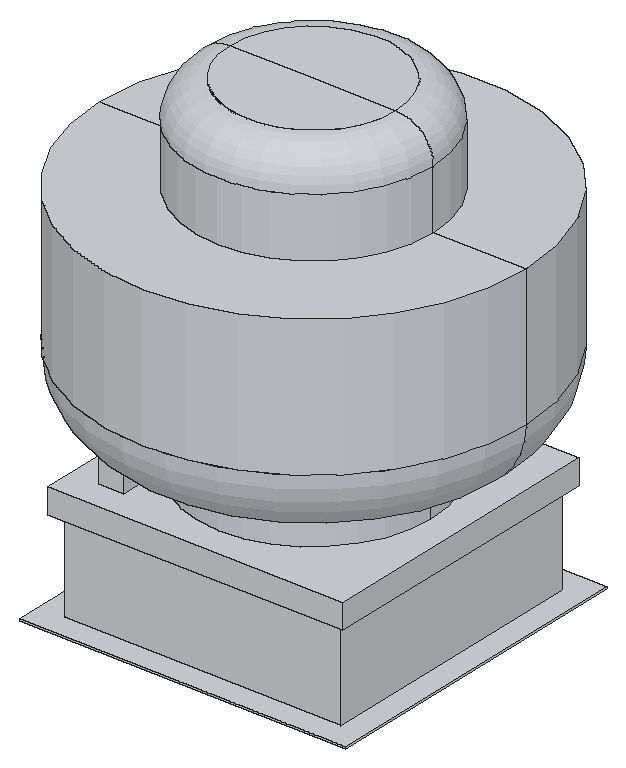
Revit family "ACRUD", category Mechanical Equipment, Revit 2019
Family settings
  Round Connector Dimension = Use Diameter
  Part Type = Normal
  Work Plane-Based = No
  Always vertical = Yes
  Cut with Voids When Loaded = No
  Shared = No
  Room Calculation Point = No
Parameters (values of type "165_ACRUD")
  a_sub_minus_3 = A_SUB - 3"  # 17 15/16"
  ZERO = 0"  # constant formula
  WB_RADIUS = 6"
  Voltage [instance] = 0 V
  Unit Weight [instance] = ""
  URL = "www.lorencook.com"
  Type Comments = "Upblast Centrifugal Exhaust Ventilator Roof Mounted/Direct Drive"
  T_SQ_HALF = T_SQ / 2  # 12"
  T_SQ = 24"
  Static Pressure [instance] = 0.00 in-wg
  Sones [instance] = ""
  ROOF_OPENING = T_SQ - 4 1/2"  # 19 1/2"
  RO/2 = ROOF_OPENING / 2  # 9 3/4"
  Power [instance] = Voltage * Motor FLA * sqrt(if(Phase = 3, 3, 1))  # 0 VA
  Phase [instance] = 0
  Number of Poles [instance] = 1
  Motor RPM [instance] = ""
  Motor Hp [instance] = ""
  Motor FLA [instance] = 0 A
  Motor Enclosure [instance] = ""
  ModelID [instance] = ""
  Model = "ACRUD"
  Manufacturer = "Loren Cook Company"
  LwA [instance] = ""
  HALF_B_SUB = B_SUB / 2  # 17 11/32"
  Fan RPM [instance] = ""
  EIGHTH_T_SQ = T_SQ / 10  # 2.4"
  EDGE_TO_CURB = 2 79/256"
  DEPTH = 2"
  C_SUB = 30 3/4"
  CURB_HEIGHT [instance] = 9 1/2"
  CURB [instance] = yes
  CFM [instance] = 0 CFM
  Brake Hp [instance] = ""
  B_SUB = 34 11/16"
  INLET_HEIGHT = 3 9/16"
  Accessories [instance] = ""
  A_SUB = 20 15/16"
  APLUSG = INLET_HEIGHT + DEPTH  # 5 9/16"
  2" = 2"  # constant formula
  1.5" = 1 1/2"  # constant formula
  ONE EIGTH = 1/8"  # constant formula
Types (55): name | a_sub_minus_3 | WB_RADIUS | Type Comments | T_SQ_HALF | T_SQ | ROOF_OPENING | RO/2 | Motor Hp | Model | HALF_B_SUB | EIGHTH_T_SQ | EDGE_TO_CURB | DEPTH | C_SUB | B_SUB | INLET_HEIGHT | A_SUB | APLUSG
  (no name) | 17 15/16" | 6" | "Upblast Centrifugal Exhaust Ventilator Roof Mounted/Direct Drive" | 12" | 24" | 19 1/2" | 9 3/4" | "" | "ACRUD" | 17 11/32" | 2.4" | 2 79/256" | 2" | 30 3/4" | 34 11/16" | 3 9/16" | 20 15/16" | 5 9/16"
  100_ACRUD | 10 1/2" | 4" | "Upblast Centrifugal Exhaust Ventilator Roof Mounted/Direct Drive" | 9" | 18" | 13 1/2" | 6 3/4" | "0" | "ACRUD" | 10 9/16" | 1.8" | 2 79/256" | 2" | 16 3/8" | 21 1/8" | 1/8" | 13 1/2" | 2 1/8"
  120_ACRUD | 16 1/16" | 6" | "Upblast Centrifugal Exhaust Ventilator Roof Mounted/Direct Drive" | 10" | 20" | 15 1/2" | 7 3/4" | "" | "ACRUD" | 15 3/32" | 2" | 2 79/256" | 2" | 28 1/8" | 30 3/16" | 1 13/16" | 19 1/16" | 3 13/16"
  135_ACRUD | 16 1/16" | 6" | "Upblast Centrifugal Exhaust Ventilator Roof Mounted/Direct Drive" | 10" | 20" | 15 1/2" | 7 3/4" | "" | "ACRUD" | 15 3/32" | 2" | 2 79/256" | 2" | 28 5/8" | 30 3/16" | 2 3/16" | 19 1/16" | 4 3/16"
  150_ACRUD | 17 15/16" | 6" | "Upblast Centrifugal Exhaust Ventilator Roof Mounted/Direct Drive" | 12" | 24" | 19 1/2" | 9 3/4" | "" | "ACRUD" | 17 11/32" | 2.4" | 2 79/256" | 2" | 30 1/4" | 34 11/16" | 3 1/16" | 20 15/16" | 5 1/16"
  165_ACRUD | 17 15/16" | 6" | "Upblast Centrifugal Exhaust Ventilator Roof Mounted/Direct Drive" | 12" | 24" | 19 1/2" | 9 3/4" | "" | "ACRUD" | 17 11/32" | 2.4" | 2 79/256" | 2" | 30 3/4" | 34 11/16" | 3 9/16" | 20 15/16" | 5 9/16"
  180_ACRUD | 21 13/16" | 6" | "Upblast Centrifugal Exhaust Ventilator Roof Mounted/Direct Drive" | 15" | 30" | 25 1/2" | 12 3/4" | "" | "ACRUD" | 19 23/32" | 3" | 2 79/256" | 3" | 35 7/8" | 39 7/16" | 3 15/16" | 24 13/16" | 6 15/16"
  150_ACRUD-HP | 17 15/16" | 6" | "Upblast Centrifugal Exhaust Ventilator Roof Mounted/Direct Drive" | 12" | 24" | 19 1/2" | 9 3/4" | "" | "ACRUD-HP" | 17 11/32" | 2.4" | 2 79/256" | 2" | 27 1/2" | 34 11/16" | 3 1/16" | 20 15/16" | 5 1/16"
  165_ACRUD-HP | 17 15/16" | 6" | "Upblast Centrifugal Exhaust Ventilator Roof Mounted/Direct Drive" | 12" | 24" | 19 1/2" | 9 3/4" | "" | "ACRUD-HP" | 17 11/32" | 2.4" | 2 79/256" | 2" | 27 3/4" | 34 11/16" | 3 9/16" | 20 15/16" | 5 9/16"
  180_ACRUD-HP | 21 13/16" | 6" | "Upblast Centrifugal Exhaust Ventilator Roof Mounted/Direct Drive" | 15" | 30" | 25 1/2" | 12 3/4" | "" | "ACRUD-HP" | 19 23/32" | 3" | 2 79/256" | 3" | 33 3/8" | 39 7/16" | 3 15/16" | 24 13/16" | 6 15/16"
  195_ACRUD-HP | 21 13/16" | 7" | "Upblast Centrifugal Exhaust Ventilator Roof Mounted/Direct Drive" | 15" | 30" | 25 1/2" | 12 3/4" | "" | "ACRUD-HP" | 19 23/32" | 3" | 2 79/256" | 3" | 33 1/2" | 39 7/16" | 4 7/16" | 24 13/16" | 7 7/16"
  165_ACRUD-XP | 17 15/16" | 6" | "Upblast Centrifugal Exhaust Ventilator Roof Mounted/Direct Drive" | 12" | 24" | 19 1/2" | 9 3/4" | "" | "ACRUD-XP" | 17 11/32" | 2.4" | 2 79/256" | 2" | 26 11/16" | 34 11/16" | 3 9/16" | 20 15/16" | 5 9/16"
  180_ACRUD-XP | 21 13/16" | 6" | "Upblast Centrifugal Exhaust Ventilator Roof Mounted/Direct Drive" | 15" | 30" | 25 1/2" | 12 3/4" | "" | "ACRUD-XP" | 19 23/32" | 3" | 2 79/256" | 3" | 31 9/16" | 39 7/16" | 3 15/16" | 24 13/16" | 6 15/16"
  195_ACRUD-XP | 21 13/16" | 7" | "Upblast Centrifugal Exhaust Ventilator Roof Mounted/Direct Drive" | 15" | 30" | 25 1/2" | 12 3/4" | "" | "ACRUD-XP" | 19 23/32" | 3" | 2 1/4" | 3" | 32 1/8" | 39 7/16" | 4 7/16" | 24 13/16" | 7 7/16"
  70_ACRUD | 8" | 2" | "Upblast Centrifugal Exhaust Ventilator Roof Mounted/Direct Drive" | 9" | 18" | 13 1/2" | 6 3/4" | "0" | "ACRUD" | 8 9/16" | 1.8" | 2 79/256" | 2" | 13 3/8" | 17 1/8" | 1/8" | 11" | 2 1/8"
  90_ACRUD | 10 1/2" | 4" | "Upblast Centrifugal Exhaust Ventilator Roof Mounted/Direct Drive" | 9" | 18" | 13 1/2" | 6 3/4" | "0" | "ACRUD" | 10 9/16" | 1.8" | 2 79/256" | 2" | 16 3/8" | 21 1/8" | 1/8" | 13 1/2" | 2 1/8"
  195_ACRUD | 21 13/16" | 7" | "Upblast Centrifugal Exhaust Ventilator Roof Mounted/Direct Drive" | 15" | 30" | 25 1/2" | 12 3/4" | "" | "ACRUD" | 19 23/32" | 3" | 2 1/4" | 3" | 36 3/8" | 39 7/16" | 4 7/16" | 24 13/16" | 7 7/16"
  210_ACRUD | 22 15/16" | 7" | "Upblast Centrifugal Exhaust Ventilator Roof Mounted/Direct Drive" | 15" | 30" | 25 1/2" | 12 3/4" | "" | "ACRUD" | 22 5/8" | 3" | 2 1/4" | 3" | 38 3/8" | 45 1/4" | 4 7/16" | 25 15/16" | 7 7/16"
  225_ACRUD | 22 15/16" | 7" | "Upblast Centrifugal Exhaust Ventilator Roof Mounted/Direct Drive" | 15" | 30" | 25 1/2" | 12 3/4" | "" | "ACRUD" | 22 5/8" | 3" | 2 1/4" | 3" | 38 1/8" | 45 1/4" | 4 7/16" | 25 15/16" | 7 7/16"
  245_ACRUD | 25 1/2" | 7" | "Upblast Centrifugal Exhaust Ventilator Roof Mounted/Direct Drive" | 15" | 30" | 25 1/2" | 12 3/4" | "" | "ACRUD" | 24 5/8" | 3" | 2 1/4" | 3" | 41 11/16" | 49 1/4" | 4 7/16" | 28 1/2" | 7 7/16"
  270_ACRUD | 25 1/2" | 7" | "Upblast Centrifugal Exhaust Ventilator Roof Mounted/Direct Drive" | 18" | 36" | 31 1/2" | 15 3/4" | "" | "ACRUD" | 24 5/8" | 3.6" | 2 1/4" | 3" | 41 11/16" | 49 1/4" | 4 7/16" | 28 1/2" | 7 7/16"
  300_ACRUD | 30 7/8" | 7" | "Upblast Centrifugal Exhaust Ventilator Roof Mounted/Direct Drive" | 18" | 36" | 31 1/2" | 15 3/4" | "" | "ACRUD" | 27 1/8" | 3.6" | 2 1/4" | 3" | 49 15/16" | 54 1/4" | 4 7/16" | 33 7/8" | 7 7/16"
  210_ACRUD-HP | 22 15/16" | 7" | "Upblast Centrifugal Exhaust Ventilator Roof Mounted/Direct Drive" | 15" | 30" | 25 1/2" | 12 3/4" | "" | "ACRUD-HP" | 22 5/8" | 3" | 2 1/4" | 3" | 35 3/8" | 45 1/4" | 4 7/16" | 25 15/16" | 7 7/16"
  225_ACRUD-HP | 22 15/16" | 7" | "Upblast Centrifugal Exhaust Ventilator Roof Mounted/Direct Drive" | 15" | 30" | 25 1/2" | 12 3/4" | "" | "ACRUD-HP" | 22 5/8" | 3" | 2 1/4" | 3" | 35 1/2" | 45 1/4" | 4 7/16" | 25 15/16" | 7 7/16"
  245_ACRUD-HP | 25 1/2" | 7" | "Upblast Centrifugal Exhaust Ventilator Roof Mounted/Direct Drive" | 15" | 30" | 25 1/2" | 12 3/4" | "" | "ACRUD-HP" | 24 5/8" | 3" | 2 1/4" | 3" | 34 1/16" | 49 1/4" | 4 7/16" | 28 1/2" | 7 7/16"
  270_ACRUD-HP | 25 1/2" | 7" | "Upblast Centrifugal Exhaust Ventilator Roof Mounted/Direct Drive" | 18" | 36" | 31 1/2" | 15 3/4" | "" | "ACRUD-HP" | 24 5/8" | 3.6" | 2 1/4" | 3" | 37 5/16" | 49 1/4" | 4 7/16" | 28 1/2" | 7 7/16"
  300_ACRUD-HP | 30 7/8" | 7" | "Upblast Centrifugal Exhaust Ventilator Roof Mounted/Direct Drive" | 18" | 36" | 31 1/2" | 15 3/4" | "" | "ACRUD-HP" | 27 1/8" | 3.6" | 2 1/4" | 3" | 45 15/16" | 54 1/4" | 4 7/16" | 33 7/8" | 7 7/16"
  210_ACRUD-XP | 22 15/16" | 7" | "Upblast Centrifugal Exhaust Ventilator Roof Mounted/Direct Drive" | 15" | 30" | 25 1/2" | 12 3/4" | "" | "ACRUD-XP" | 22 5/8" | 3" | 2 1/4" | 3" | 32 3/4" | 45 1/4" | 4 7/16" | 25 15/16" | 7 7/16"
  225_ACRUD-XP | 22 15/16" | 7" | "Upblast Centrifugal Exhaust Ventilator Roof Mounted/Direct Drive" | 15" | 30" | 25 1/2" | 12 3/4" | "" | "ACRUD-XP" | 22 5/8" | 3" | 2 1/4" | 3" | 33 5/16" | 45 1/4" | 4 7/16" | 25 15/16" | 7 7/16"
  245_ACRUD-XP | 25 1/2" | 7" | "Upblast Centrifugal Exhaust Ventilator Roof Mounted/Direct Drive" | 15" | 30" | 25 1/2" | 12 3/4" | "" | "ACRUD-XP" | 24 5/8" | 3" | 2 1/4" | 3" | 34 1/16" | 49 1/4" | 4 7/16" | 28 1/2" | 7 7/16"
  270_ACRUD-XP | 25 1/2" | 7" | "Upblast Centrifugal Exhaust Ventilator Roof Mounted/Direct Drive" | 18" | 36" | 31 1/2" | 15 3/4" | "" | "ACRUD-XP" | 24 5/8" | 3.6" | 2 1/4" | 3" | 35" | 49 1/4" | 4 7/16" | 28 1/2" | 7 7/16"
  300_ACRUD-XP | 30 7/8" | 7" | "Upblast Centrifugal Exhaust Ventilator Roof Mounted/Direct Drive" | 18" | 36" | 31 1/2" | 15 3/4" | "" | "ACRUD-XP" | 27 1/8" | 3.6" | 2 1/4" | 3" | 41 7/16" | 54 1/4" | 4 7/16" | 33 7/8" | 7 7/16"
  150_ACRUD-EC | 17 15/16" | 6" | "Upblast Centrifugal Exhaust Ventilator Roof Mounted/Direct Drive with External Speed Control Electronically Commutated (EC) Motor Type N" | 12" | 24" | 19 1/2" | 9 3/4" | "" | "ACRUDEC" | 17 11/32" | 2.4" | 2 79/256" | 2" | 30 1/4" | 34 11/16" | 3 1/16" | 20 15/16" | 5 1/16"
  195_ACRUD-XP-EC | 21 13/16" | 7" | "Upblast Centrifugal Exhaust Ventilator Roof Mounted/Direct Drive with External Speed Control Electronically Commutated (EC) Motor Type N" | 15" | 30" | 25 1/2" | 12 3/4" | "" | "ACRXDEC" | 19 23/32" | 3" | 2 1/4" | 3" | 32 1/8" | 39 7/16" | 4 7/16" | 24 13/16" | 7 7/16"
  150_ACRUD-HP-VF | 17 15/16" | 6" | "Upblast Centrifugal Exhaust Ventilator Roof Mounted/Direct Drive Electronically Commutated Vari-Flow Motor" | 12" | 24" | 19 1/2" | 9 3/4" | "" | "ACRUD-HP-VF" | 17 11/32" | 2.4" | 2 79/256" | 2" | 27 1/2" | 34 11/16" | 3 1/16" | 20 15/16" | 5 1/16"
  165_ACRUD-HP-VF | 17 15/16" | 6" | "Upblast Centrifugal Exhaust Ventilator Roof Mounted/Direct Drive Electronically Commutated Vari-Flow Motor" | 12" | 24" | 19 1/2" | 9 3/4" | "" | "ACRUD-HP-VF" | 17 11/32" | 2.4" | 2 79/256" | 2" | 27 3/4" | 34 11/16" | 3 9/16" | 20 15/16" | 5 9/16"
  180_ACRUD-HP-VF | 21 13/16" | 6" | "Upblast Centrifugal Exhaust Ventilator Roof Mounted/Direct Drive Electronically Commutated Vari-Flow Motor" | 15" | 30" | 25 1/2" | 12 3/4" | "" | "ACRUD-HP-VF" | 19 23/32" | 3" | 2 79/256" | 3" | 33 3/8" | 39 7/16" | 3 15/16" | 24 13/16" | 6 15/16"
  195_ACRUD-HP-VF | 21 13/16" | 7" | "Upblast Centrifugal Exhaust Ventilator Roof Mounted/Direct Drive Electronically Commutated Vari-Flow Motor" | 15" | 30" | 25 1/2" | 12 3/4" | "" | "ACRUD-HP-VF" | 19 23/32" | 3" | 2 79/256" | 3" | 33 1/2" | 39 7/16" | 4 7/16" | 24 13/16" | 7 7/16"
  210_ACRUD-HP-VF | 22 15/16" | 7" | "Upblast Centrifugal Exhaust Ventilator Roof Mounted/Direct Drive Electronically Commutated Vari-Flow Motor" | 15" | 30" | 25 1/2" | 12 3/4" | "" | "ACRUD-HP-VF" | 22 5/8" | 3" | 2 1/4" | 3" | 35 3/8" | 45 1/4" | 4 7/16" | 25 15/16" | 7 7/16"
  100_ACRUD-VF | 10 1/2" | 4" | "Upblast Centrifugal Exhaust Ventilator Roof Mounted/Direct Drive Electronically Commutated Vari-Flow Motor" | 9" | 18" | 13 1/2" | 6 3/4" | "0" | "ACRUD-VF" | 10 9/16" | 1.8" | 2 79/256" | 2" | 16 3/8" | 21 1/8" | 1/8" | 13 1/2" | 2 1/8"
  120_ACRUD-VF | 16 1/16" | 6" | "Upblast Centrifugal Exhaust Ventilator Roof Mounted/Direct Drive Electronically Commutated Vari-Flow Motor" | 10" | 20" | 15 1/2" | 7 3/4" | "" | "ACRUD-VF" | 15 3/32" | 2" | 2 79/256" | 2" | 28 1/8" | 30 3/16" | 1 13/16" | 19 1/16" | 3 13/16"
  135_ACRUD-VF | 16 1/16" | 6" | "Upblast Centrifugal Exhaust Ventilator Roof Mounted/Direct Drive Electronically Commutated Vari-Flow Motor" | 10" | 20" | 15 1/2" | 7 3/4" | "" | "ACRUD-VF" | 15 3/32" | 2" | 2 79/256" | 2" | 28 5/8" | 30 3/16" | 2 3/16" | 19 1/16" | 4 3/16"
  150_ACRUD-VF | 17 15/16" | 6" | "Upblast Centrifugal Exhaust Ventilator Roof Mounted/Direct Drive Electronically Commutated Vari-Flow Motor" | 12" | 24" | 19 1/2" | 9 3/4" | "" | "ACRUD-VF" | 17 11/32" | 2.4" | 2 79/256" | 2" | 30 1/4" | 34 11/16" | 3 1/16" | 20 15/16" | 5 1/16"
  165_ACRUD-VF | 17 15/16" | 6" | "Upblast Centrifugal Exhaust Ventilator Roof Mounted/Direct Drive Electronically Commutated Vari-Flow Motor" | 12" | 24" | 19 1/2" | 9 3/4" | "" | "ACRUD-VF" | 17 11/32" | 2.4" | 2 79/256" | 2" | 30 3/4" | 34 11/16" | 3 9/16" | 20 15/16" | 5 9/16"
  180_ACRUD-VF | 21 13/16" | 6" | "Upblast Centrifugal Exhaust Ventilator Roof Mounted/Direct Drive Electronically Commutated Vari-Flow Motor" | 15" | 30" | 25 1/2" | 12 3/4" | "" | "ACRUD-VF" | 19 23/32" | 3" | 2 79/256" | 3" | 35 7/8" | 39 7/16" | 3 15/16" | 24 13/16" | 6 15/16"
  195_ACRUD-VF | 21 13/16" | 7" | "Upblast Centrifugal Exhaust Ventilator Roof Mounted/Direct Drive Electronically Commutated Vari-Flow Motor" | 15" | 30" | 25 1/2" | 12 3/4" | "" | "ACRUD-VF" | 19 23/32" | 3" | 2 1/4" | 3" | 36 3/8" | 39 7/16" | 4 7/16" | 24 13/16" | 7 7/16"
  210_ACRUD-VF | 22 15/16" | 7" | "Upblast Centrifugal Exhaust Ventilator Roof Mounted/Direct Drive Electronically Commutated Vari-Flow Motor" | 15" | 30" | 25 1/2" | 12 3/4" | "" | "ACRUD-VF" | 22 5/8" | 3" | 2 1/4" | 3" | 38 3/8" | 45 1/4" | 4 7/16" | 25 15/16" | 7 7/16"
  165_ACRUD-XP-VF | 17 15/16" | 6" | "Upblast Centrifugal Exhaust Ventilator Roof Mounted/Direct Drive Electronically Commutated Vari-Flow Motor" | 12" | 24" | 19 1/2" | 9 3/4" | "" | "ACRUD-XP-VF" | 17 11/32" | 2.4" | 2 79/256" | 2" | 26 11/16" | 34 11/16" | 3 9/16" | 20 15/16" | 5 9/16"
  180_ACRUD-XP-VF | 21 13/16" | 6" | "Upblast Centrifugal Exhaust Ventilator Roof Mounted/Direct Drive Electronically Commutated Vari-Flow Motor" | 15" | 30" | 25 1/2" | 12 3/4" | "" | "ACRUD-XP-VF" | 19 23/32" | 3" | 2 79/256" | 3" | 31 9/16" | 39 7/16" | 3 15/16" | 24 13/16" | 6 15/16"
  195_ACRUD-XP-VF | 21 13/16" | 7" | "Upblast Centrifugal Exhaust Ventilator Roof Mounted/Direct Drive Electronically Commutated Vari-Flow Motor" | 15" | 30" | 25 1/2" | 12 3/4" | "" | "ACRUD-XP-VF" | 19 23/32" | 3" | 2 1/4" | 3" | 32 1/8" | 39 7/16" | 4 7/16" | 24 13/16" | 7 7/16"
  210_ACRUD-XP-VF | 22 15/16" | 7" | "Upblast Centrifugal Exhaust Ventilator Roof Mounted/Direct Drive Electronically Commutated Vari-Flow Motor" | 15" | 30" | 25 1/2" | 12 3/4" | "" | "ACRUD-XP-VF" | 22 5/8" | 3" | 2 1/4" | 3" | 32 3/4" | 45 1/4" | 4 7/16" | 25 15/16" | 7 7/16"
  225_ACRUD-XP-VF | 22 15/16" | 7" | "Upblast Centrifugal Exhaust Ventilator Roof Mounted/Direct Drive Electronically Commutated Vari-Flow Motor" | 15" | 30" | 25 1/2" | 12 3/4" | "" | "ACRUD-XP-VF" | 22 5/8" | 3" | 2 1/4" | 3" | 33 5/16" | 45 1/4" | 4 7/16" | 25 15/16" | 7 7/16"
  165_ACRUD-HP-EC | 17 15/16" | 6" | "Upblast Centrifugal Exhaust Ventilator Roof Mounted/Direct Drive with External Speed Control Electronically Commutated (EC) Motor Type N" | 12" | 24" | 19 1/2" | 9 3/4" | "" | "ACRUD-HP-EC" | 17 11/32" | 2.4" | 2 79/256" | 2" | 27 3/4" | 34 11/16" | 3 9/16" | 20 15/16" | 5 9/16"
  101_ACRUD | 9 1/2" | 4" | "Upblast Centrifugal Exhaust Ventilator Roof Mounted/Direct Drive" | 9" | 18" | 13 1/2" | 6 3/4" | "0" | "ACRUD" | 12 1/8" | 1.8" | 2 79/256" | 2" | 20 3/16" | 24 1/4" | 1/8" | 12 1/2" | 2 1/8"
  101_ACRUD-VF | 9 1/2" | 4" | "Upblast Centrifugal Exhaust Ventilator Roof Mounted/Direct Drive Electronically Commutated Vari-Flow Motor" | 9" | 18" | 13 1/2" | 6 3/4" | "" | "ACRUD-VF" | 12 1/8" | 1.8" | 2 79/256" | 2" | 20 3/16" | 24 1/4" | 1 13/16" | 12 1/2" | 3 13/16"
Reference planes (in)
  plane 1 "Center (Front/Back)": y = 0
  plane 2: z = 0
  plane 3 "Center (Left/Right)": x = 0
Forms (in)
  Extrusion 1, solid
    sketch origin (0, 0, 0) x (1, 0, 0) y (0, 1, 0)
      loop
        line (-12, 12) -> (-12, -12) -> (12, -12) -> (12, 12) -> (-12, 12)
    from 0 to 2
  Revolve 2, solid
    sketch origin (0, 0, 0) x (1, 0, 0) y (0, 0, 1)
      loop
        line (0, 2) -> (9.6, 2) -> (9.6, 5.5625) -> (0, 5.5625) -> (0, 2)
      axis (0, 5.5625) -> (0, 2)
    angle from 0 to 360
  Revolve 3, solid
    sketch origin (0, 0, 0) x (1, 0, 0) y (0, 0, 1)
      loop
        line (0, 5.5625) -> (11.34375, 5.5625)
        arc (11.34375, 5.5625) -> (15.58639, 7.31986) -> (17.34375, 11.5625) r 6
        line (17.34375, 11.5625) -> (17.34375, 22.9375) -> (0, 22.9375) -> (0, 5.5625)
      axis (0, 5.5625) -> (0, 22.9375)
    angle from 0 to 360
  Revolve 4, solid
    sketch origin (0, 0, 0) x (1, 0, 0) y (0, 0, 1)
      loop
        line (0, 19.9375) -> (9.75, 19.9375) -> (9.75, 27.75)
        arc (9.75, 27.75) -> (8.87132, 29.87132) -> (6.75, 30.75) r 3
        line (6.75, 30.75) -> (0, 30.75) -> (0, 19.9375)
      axis (0, 19.9375) -> (0, 30.75)
    angle from 0 to 360
  Extrusion 5, solid
    sketch origin (0, 0, 0) x (1, 0, 0) y (0, 1, 0)
      loop
        line (-9.69141, -9.69141) -> (-7.69141, -9.69141) -> (-7.69141, -7.69141) -> (-9.69141, -7.69141) -> (-9.69141, -9.69141)
    from 2 to 4
  Extrusion 6, void
    sketch origin (0, 0, 0) x (1, 0, 0) y (0, 1, 0)
      loop
        line (-11.875, -11.875) -> (11.875, -11.875) -> (11.875, 11.875) -> (-11.875, 11.875) -> (-11.875, -11.875)
    from 0 to 1.875
  Extrusion 7, solid, visible <- "CURB"
    sketch origin (0, 0, 1.875) x (0, 1, 0) y (1, 0, 0)
      loop
        line (9.75, 9.75) -> (-9.75, 9.75) -> (-9.75, -9.75) -> (9.75, -9.75) -> (9.75, 9.75)
      loop
        line (11.25, -11.25) -> (11.25, 11.25) -> (-11.25, 11.25) -> (-11.25, -11.25) -> (11.25, -11.25)
    from 0 to 9.5
  Extrusion 8, solid, visible <- "CURB"
    sketch origin (0, 0, -7.625) x (-1, 0, 0) y (0, 1, 0)
      loop
        line (13.25, -13.25) -> (13.25, 13.25) -> (-13.25, 13.25) -> (-13.25, -13.25) -> (13.25, -13.25)
      loop
        line (-11.25, 11.25) -> (-11.25, -11.25) -> (11.25, -11.25) -> (11.25, 11.25) -> (-11.25, 11.25)
    from 0 to -0.125
Cuts and joins
  Extrusion 6 cuts Extrusion 1
Dimensions and locks (in)
  "T_SQ": Extrusion 1 sketch curve to Extrusion 1 sketch curve  (x2)
  "DEPTH": Extrusion 1 to Extrusion 1
  "T_SQ": Extrusion 1 to Extrusion 1  (x2)
  "EIGHTH_T_SQ": Extrusion 1 to Revolve 2 sketch curve
  "INLET_HEIGHT": Revolve 2 sketch curve to Extrusion 1
  Revolve 2 sketch curve to Extrusion 1 = 0"
  "T_SQ_HALF": Revolve 2 sketch curve to Extrusion 1  (x2)
  "T_SQ_HALF": Extrusion 1 sketch curve to plane 3 "Center (Left/Right)"
  "T_SQ_HALF": plane 1 "Center (Front/Back)" to Extrusion 1 sketch curve
  "HALF_B_SUB": Revolve 3 sketch curve to Revolve 3 sketch curve
  "A_SUB": Revolve 3 sketch curve to Extrusion 1
  Revolve 2 to Revolve 3 sketch curve = 0"
  Revolve 3 sketch curve to plane 3 "Center (Left/Right)" = 0"
  "a_sub_minus_3": Revolve 4 sketch curve to Extrusion 1
  "C_SUB": Revolve 4 sketch curve to Extrusion 1
  Revolve 4 sketch curve to plane 3 "Center (Left/Right)" = 0"
  Extrusion 1 to Revolve 4 sketch curve = 2 1/4"
  "EDGE_TO_CURB": Extrusion 1 to Extrusion 5 sketch curve  (x2)
  "ONE EIGTH": Extrusion 1 to Extrusion 6 sketch curve  (x3)
  "ONE EIGTH": Extrusion 6 sketch curve to Extrusion 1
  "RO/2": plane 3 "Center (Left/Right)" to Extrusion 7 sketch curve
  "RO/2": Extrusion 7 sketch curve to plane 3 "Center (Left/Right)"
  "RO/2": Extrusion 7 sketch curve to plane 1 "Center (Front/Back)"  (x2)
  "1.5"": Extrusion 7 sketch curve to Extrusion 7 sketch curve  (x4)
  "ZERO": Extrusion 8 sketch curve to Extrusion 7  (x3)
  "ZERO": Extrusion 7 to Extrusion 8 sketch curve
  "2"": Extrusion 8 sketch curve to Extrusion 8 sketch curve  (x4)
  radius of Revolve 4 sketch curve = 3"
  "WB_RADIUS": radius of Revolve 3 sketch curve
Automatic sketch dimensions
  Revolve 2 sketch curve to Revolve 2 sketch curve = 0"  (x2)
  Revolve 3 sketch curve to plane 3 "Center (Left/Right)" = 0"
  Revolve 3 sketch curve to Revolve 3 sketch curve = 0"  (x2)
  Revolve 4 sketch curve to plane 3 "Center (Left/Right)" = 0"
  Revolve 4 sketch curve to Revolve 4 sketch curve = 0"  (x2)
  Extrusion 5 sketch curve to Extrusion 5 sketch curve = 2"  (x2)
Connectors (in)
  electrical at (-8.69141, -8.69141, 2)
    settings: on Extrusion 5, index 2, voltage 0 V, apparent load 0 VA, apparent load phase1 0 VA, apparent load phase2 0 VA, apparent load phase3 0 VA, power factor 1, load classification "Other", number of poles 1, system type 30, power factor state 1, is connector primary yes, connector utility no, sub classification motor no, connector description ""
  hvac at (0, 0, 1.875), driven by "CFM", driven by "ROOF_OPENING", driven by "ROOF_OPENING"
    settings: on cut or joined group of Extrusion 1, Extrusion 6, index 3, duct flow 0 CFM, flow factor 0, pres drop 0.00 in-wg, loss coef 0, conn angle 0.00°, conn width 19 1/2", conn height 19 1/2", conn diameter 24", duct sys type 3, conn prof type 1, flow config 0, flow direction 2, loss method 0, conn ref index -1, conn util no, is conn primary yes, conn desc ""
